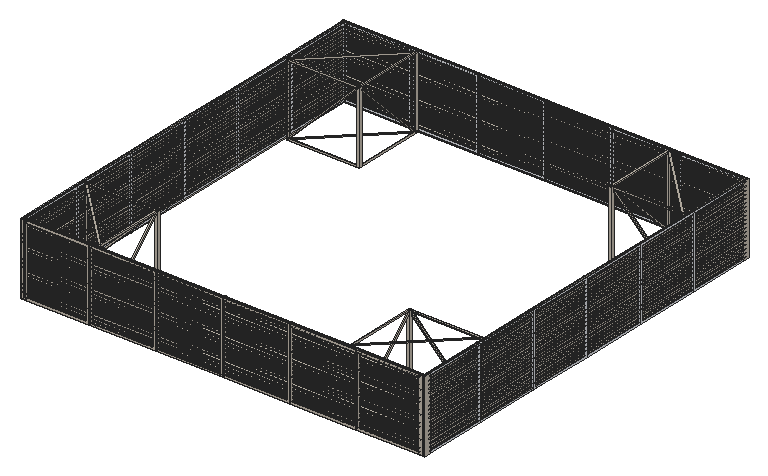
Revit family "Envisor_MechScreen", category Mechanical Equipment, Revit 2020
Family settings
  Round Connector Dimension = Use Diameter
  Classification = None
  Part Type = Normal
  Work Plane-Based = No
  Always vertical = Yes
  Cut with Voids When Loaded = No
  Shared = No
  Room Calculation Point = No
Parameters (values of type "7.2 RIBBED HORIZONTAL PERFORATED")
  URL = "https://cityscapesinc.com/products/envisor"
  Type Comments = "Envisor Screening Systems"
  TopRailViz [instance] = no
  TopFlashingViz [instance] = no
  System_Width = SpacingWidth * Panel_Length  # 22' - 6"
  System_Length = SpacingLength * Panel_Length  # 22' - 6"
  SpacingWidth = 6
  SpacingLength = 6
  SOLID PANEL VIZ = no
  RIBBED VIZ = no
  RIBBED VERT VIZ = no
  Panel_Width = 0' - 2"
  Panel_Length = 3' - 9"
  Panel_Height = 4' - 0"
  Manufacturer = "Envisor"
  MATERIAL = OYSTER Perforated
  LOUVRE VIZ = no
  FRAME WIDTH = 0' - 1 1/4"
  FRAME VIZ = yes
  FRAME MATERIAL = OYSTER
  Description = "Adjustable Rooftop Mechanical Screen"
  Default Elevation = 0' - 0"
  CreatedBy = "https://devinshea.com/"
  CornerFrameSystemDim = 4' - 0"
  CornerFrameViz [instance] = yes
  BottomRailViz [instance] = no
  BATTEN VIZ = no
  ABS_PANEL = no
  7.2 RIBBED VIZ = no
  7.2 CORRUGATED = yes
  7.2 CORR VERT = no
  4.0 CORR VERT = no
  4.0 CORR HORT = no
Reference planes (in)
  plane 1 "Center (Front/Back)": y = 0
  plane 2 "SystemBase": z = 0
  plane 3 "Center (Left/Right)": x = 0
  plane 4 "SystemRight": x = 135
  plane 5 "SystemLeft": x = -135
  plane 6 "systemTop": z = 48
  plane 7 "SystemTop": y = 142
  plane 8 "SystemBottom": y = -141
  plane 9 "RailNorth": y = 135
  plane 10 "RailSouth": y = -135
  plane 11: x = -141
  plane 12: x = 141
  plane 13: y = 85
  plane 14: y = -85
  plane 15: x = -85
  plane 16: x = 85
  plane 17 "TopRail": z = 48
  plane 18: x = -133
  plane 19: x = 133
  plane 20 "FrameTop": y = 133
  plane 21 "FrameBottom": y = -133
  plane 22: y = 72
Forms (in)
  Sweep 1, solid, material "OYSTER" <- "FRAME MATERIAL", visible <- "BottomRailViz"
    path in 3D
      loop
        line (-135, -135, 0) -> (135, -135, 0) -> (135, 135, 0) -> (-135, 135, 0) -> (-135, -135, 0)
    profile "FrameProfile : FrameProfile" origin (-135, 0, 0) x (1, 0, 0) y (0, 0, 1)
      loop
        line (2.53176, -0.50789) -> (2.53176, 1.11711) -> (2.2607, 1.11711) -> (2.22617, 0.98825) -> (2.40675, 1.02009) -> (2.40675, -0.38289) -> (1.80676, -0.38289) -> (1.80676, 1.02009) -> (1.98734, 0.98825) -> (1.95281, 1.11711) -> (1.68176, 1.11711) -> (1.68176, -0.38289) -> (0.43176, -0.38289) -> (0.43176, 1.11711) -> (0.1607, 1.11711) -> (0.12618, 0.98825) -> (0.30676, 1.02009) -> (0.30676, -0.38289) -> (-0.29324, -0.38289) -> (-0.29324, 1.02009) -> (-0.11266, 0.98825) -> (-0.14719, 1.11711) -> (-0.41824, 1.11711) -> (-0.41824, -0.50789) -> (1.7464, -0.50789) -> (1.7464, -1.64289) -> (0.66926, -1.64289) -> (0.66926, -1.76793) -> (2.4664, -1.76793) -> (2.4664, -1.67293) -> (1.8714, -1.67293) -> (1.8714, -0.50789) -> (2.53176, -0.50789)
  Sweep 2, solid, material "OYSTER" <- "FRAME MATERIAL", visible <- "TopRailViz"
    path in 3D
      loop
        line (-135, 135, 48) -> (135, 135, 48) -> (135, -135, 48) -> (-135, -135, 48) -> (-135, 135, 48)
    profile "FrameProfile : FrameProfile" origin (-135, 0, 48) x (-1, 0, 0) y (0, 0, 1)
      loop
        line (-2.5552, 0.75789) -> (-2.5552, -0.86711) -> (-2.28414, -0.86711) -> (-2.24961, -0.73825) -> (-2.43019, -0.77009) -> (-2.43019, 0.63289) -> (-1.83019, 0.63289) -> (-1.83019, -0.77009) -> (-2.01078, -0.73825) -> (-1.97625, -0.86711) -> (-1.70519, -0.86711) -> (-1.70519, 0.63289) -> (-0.45519, 0.63289) -> (-0.45519, -0.86711) -> (-0.18414, -0.86711) -> (-0.14961, -0.73825) -> (-0.33019, -0.77009) -> (-0.33019, 0.63289) -> (0.2698, 0.63289) -> (0.2698, -0.77009) -> (0.08922, -0.73825) -> (0.12375, -0.86711) -> (0.3948, -0.86711) -> (0.3948, 0.75789) -> (-1.76984, 0.75789) -> (-1.76984, 1.89289) -> (-0.69269, 1.89289) -> (-0.69269, 2.01793) -> (-2.48984, 2.01793) -> (-2.48984, 1.92293) -> (-1.89484, 1.92293) -> (-1.89484, 0.75789) -> (-2.5552, 0.75789)
  Sweep 3, solid, material "OYSTER" <- "FRAME MATERIAL", visible <- "TopFlashingViz"
    path in 3D
      loop
        line (-135, 135, 48) -> (135, 135, 48) -> (135, -135, 48) -> (-135, -135, 48) -> (-135, 135, 48)
    profile "TopProfile_3 Step : TopProfile_3 Step" origin (-135, 0, 48) x (-1, 0, 0) y (0, 0, 1)
      loop
        line (-2, 0.09375) -> (-0.25, 0.09375) -> (-0.25, 2.75) -> (1.125, 2.75) -> (1.125, 5.375) -> (2.5625, 5.375) -> (2.5625, 8.0625) -> (2.0625, 8.0625) -> (2.0625, 8.03125) -> (2.53125, 8.03125) -> (2.53125, 5.40625) -> (1.09375, 5.40625) -> (1.09375, 2.78125) -> (-0.28125, 2.78125) -> (-0.28125, 0.125) -> (-2, 0.125) -> (-2, 0.09375)
  Sweep 4, solid, material "OYSTER" <- "FRAME MATERIAL"
    path in 3D
      loop
        line (-135, -135, 0) -> (-135, -135, 48)
    profile "CornerCapProfile : CornerCapProfile" origin (-135, -135, 24) x (-1, 0, 0) y (0, -1, 0)
      loop
        line (1.125, -2.875) -> (1.125, 1.125) -> (-2.875, 1.125) -> (-2.875, 1) -> (1, 1) -> (1, -2.875) -> (1.125, -2.875)
  Sweep 5, solid, material "OYSTER" <- "FRAME MATERIAL"
    path in 3D
      loop
        line (-135, 135, 48) -> (-135, 135, 0)
    profile "CornerCapProfile : CornerCapProfile" origin (-135, 135, 24) x (1, 0, 0) y (0, -1, 0)
      loop
        line (-1.125, 2.875) -> (-1.125, -1.125) -> (2.875, -1.125) -> (2.875, -1) -> (-1, -1) -> (-1, 2.875) -> (-1.125, 2.875)
  Sweep 6, solid, material "OYSTER" <- "FRAME MATERIAL"
    path in 3D
      loop
        line (135, 135, 48) -> (135, 135, 0)
    profile "CornerCapProfile : CornerCapProfile" origin (135, 135, 24) x (1, 0, 0) y (0, -1, 0)
      loop
        line (-2.875, -1.125) -> (1.125, -1.125) -> (1.125, 2.875) -> (1, 2.875) -> (1, -1) -> (-2.875, -1) -> (-2.875, -1.125)
  Sweep 7, solid, material "OYSTER" <- "FRAME MATERIAL"
    path in 3D
      loop
        line (135, -135, 0) -> (135, -135, 48)
    profile "CornerCapProfile : CornerCapProfile" origin (135, -135, 24) x (-1, 0, 0) y (0, -1, 0)
      loop
        line (2.875, 1.125) -> (-1.125, 1.125) -> (-1.125, -2.875) -> (-1, -2.875) -> (-1, 1) -> (2.875, 1) -> (2.875, 1.125)
Lines and regions (in)
  reference lines, style "System"
    curve 1: line (-135, -135, 0) -> (135, -135, 0)
    curve 2: line (135, 135, 0) -> (-135, 135, 0)
    curve 3: line (-135, 135, 0) -> (-135, -135, 0)
    curve 4: line (135, -135, 0) -> (135, 135, 0)
  sketch lines
    curve 5: line (-135, 135, 0) -> (-135, -135, 0)
    curve 6: line (135, 135, 0) -> (-135, 135, 0)
    curve 7: line (135, -135, 0) -> (135, 135, 0)
    curve 8: line (-135, -135, 0) -> (135, -135, 0)
    curve 13: line (-135, -135, 48) -> (-135, 135, 48)
    curve 14: line (-135, 135, 48) -> (135, 135, 48)
    curve 15: line (135, 135, 48) -> (135, -135, 48)
    curve 16: line (135, -135, 48) -> (-135, -135, 48)
    curve 21: line (-135, -135, 48) -> (-135, 135, 48)
    curve 22: line (-135, 135, 48) -> (135, 135, 48)
    curve 23: line (135, 135, 48) -> (135, -135, 48)
    curve 24: line (135, -135, 48) -> (-135, -135, 48)
    curve 27: line (-135, -135, 0) -> (-135, -135, 48)
    curve 30: line (-135, 135, 48) -> (-135, 135, 0)
    curve 31: line (135, 135, 48) -> (135, 135, 0)
    curve 32: line (135, -135, 0) -> (135, -135, 48)
  reference lines, style "SystemFrame"
    curve 9: line (-135, 135, 48) -> (135, 135, 48)
    curve 10: line (135, 135, 48) -> (135, -135, 48)
    curve 11: line (135, -135, 48) -> (-135, -135, 48)
    curve 12: line (-135, -135, 48) -> (-135, 135, 48)
    curve 19: line (135, -135, 48) -> (-135, -135, 48)
  reference lines
    curve 17: line (-135, 135, 48) -> (135, 135, 48)
    curve 18: line (135, 135, 48) -> (135, -135, 48)
    curve 20: line (-135, -135, 48) -> (-135, 135, 48)
    curve 25: line (-135, -135, 0) -> (-135, -135, 48)
    curve 26: line (135, -135, 0) -> (135, -135, 48)
    curve 28: line (135, 135, 48) -> (135, 135, 0)
    curve 29: line (-135, 135, 48) -> (-135, 135, 0)
Text (in)
  text "1. Specify Panel Length\n\tSystem Size Is determined by Panel Sizes.\n2. Specify Panel Height\n\tSystem Height is determined by Panel Sizes.\n3. Specify Corner Brace Diminsion.\n\tDelete formula in Brace family for non-uniform sizes\n4. All Panel Types are adjusted in Visibility Settings.\n\tAll objects besides panels can be turned off.\n5. Adjust Top Profile family and save new to change. " at (-98.75449, 41.77976, 0), in view "Ref. Level"
Dimensions and locks (in)
  "Panel_Height": plane 6 "systemTop" to plane 2 "SystemBase"
  "System_Length": plane 9 "RailNorth" to plane 10 "RailSouth"
  locked: plane 8 "SystemBottom" to plane 10 "RailSouth" at 6
  plane 7 "SystemTop" to plane 9 "RailNorth" = 0' - 7"  (x2)
  locked: plane 4 "SystemRight" to plane 12 at 6
  locked: plane 11 to plane 5 "SystemLeft" at 6
  equal spacing: plane 10 "RailSouth", plane 1 "Center (Front/Back)", plane 9 "RailNorth"  (x2)
  plane 5 "SystemLeft" to plane 3 "Center (Left/Right)" to plane 4 "SystemRight" = 11' - 3", 11' - 3"
  plane 16 to plane 19 = 4' - 0"  (x2)
  "Panel_Width": plane 19 to plane 4 "SystemRight"
  "Panel_Width": plane 10 "RailSouth" to plane 21 "FrameBottom"
  "CornerFrameSystemDim": plane 18 to plane 15
  "CornerFrameSystemDim": plane 16 to plane 19
  "Panel_Width": plane 20 "FrameTop" to plane 9 "RailNorth"
  "CornerFrameSystemDim": plane 20 "FrameTop" to plane 13
  "CornerFrameSystemDim": plane 14 to plane 21 "FrameBottom"
  "Panel_Width": plane 5 "SystemLeft" to plane 18
  plane 8 "SystemBottom" to plane 10 "RailSouth" = 0' - 6"
  plane 4 "SystemRight" to plane 12 = 0' - 6"
  plane 11 to plane 5 "SystemLeft" = 0' - 6"
  plane 5 "SystemLeft" to plane 4 "SystemRight" = 22' - 6"
  "System_Width": plane 5 "SystemLeft" to plane 4 "SystemRight"
  equal spacing: plane 5 "SystemLeft", plane 3 "Center (Left/Right)", plane 4 "SystemRight"
  equal spacing: group 1, group 3, group 4, group 5, group 6, group 2  (x3)
  equal spacing: group 7, group 9, group 10, group 11, group 12, group 8  (x3)
  equal spacing: group 13, group 15, group 16, group 17, group 18, group 14  (x2)
  equal spacing: group 14, group 18, group 17, group 16, group 15, group 13
  equal spacing: group 19, group 21, group 22, group 23, group 24, group 20  (x3)
  aligned and locked: plane 2 "SystemBase" to level
  aligned and locked: plane 10 "RailSouth" to curve 1
  aligned and locked: curve 2 to plane 9 "RailNorth"
  aligned and locked: plane 4 "SystemRight" to curve 2
  aligned and locked: plane 4 "SystemRight" to curve 4
  aligned and locked: nested 1 to plane 16
  aligned and locked: nested 1 to plane 13
  aligned and locked: plane 16 to nested 2
  aligned and locked: nested 2 to plane 14
  aligned and locked: plane 9 "RailNorth" to curve 9
  aligned and locked: curve 10 to plane 4 "SystemRight"
  aligned and locked: curve 11 to plane 10 "RailSouth"
  aligned and locked: plane 17 "TopRail" to plane 6 "systemTop"
  aligned and locked: nested 3 to plane 15
  aligned and locked: plane 13 to nested 3
  aligned and locked: plane 14 to nested 4
  aligned and locked: plane 15 to nested 4
  aligned and locked: plane 5 "SystemLeft" to curve 25
  aligned and locked: plane 17 "TopRail" to curve 25
  aligned and locked: plane 2 "SystemBase" to curve 25
  aligned and locked: plane 4 "SystemRight" to curve 26
  aligned and locked: plane 17 "TopRail" to curve 26
  aligned and locked: plane 2 "SystemBase" to curve 26
  aligned and locked: plane 5 "SystemLeft" to curve 29
  aligned and locked: plane 17 "TopRail" to curve 29
  aligned and locked: plane 2 "SystemBase" to curve 29
  aligned and locked: plane 4 "SystemRight" to curve 28
  aligned and locked: plane 17 "TopRail" to curve 28
  aligned and locked: plane 2 "SystemBase" to curve 28
  aligned and locked: plane 10 "RailSouth" to nested 5
  aligned and locked: plane 5 "SystemLeft" to nested 5
  aligned and locked: plane 4 "SystemRight" to nested 9
  aligned and locked: plane 10 "RailSouth" to nested 9
  aligned and locked: nested 7 to plane 9 "RailNorth"
  aligned and locked: nested 7 to plane 5 "SystemLeft"
  aligned and locked: nested 14 to plane 4 "SystemRight"
  aligned and locked: nested 14 to plane 9 "RailNorth"
  aligned and locked: nested 8 to plane 5 "SystemLeft"
  aligned and locked: plane 9 "RailNorth" to nested 8
  aligned and locked: plane 10 "RailSouth" to nested 19
  aligned and locked: nested 19 to plane 5 "SystemLeft"
  aligned and locked: plane 4 "SystemRight" to nested 6
  aligned and locked: nested 6 to plane 10 "RailSouth"
  aligned and locked: nested 24 to plane 9 "RailNorth"
  aligned and locked: plane 4 "SystemRight" to nested 24
Automatic sketch dimensions
  curve 17 to plane 4 "SystemRight" = 0' - 0"
  curve 17 to plane 5 "SystemLeft" = 0' - 0"
  plane 9 "RailNorth" to curve 17 = 0' - 0"
  plane 10 "RailSouth" to curve 20 = 0' - 0"
  curve 11 to plane 5 "SystemLeft" = 0' - 0"
  curve 1 to plane 5 "SystemLeft" = 0' - 0"
Nested families (in)
  nested 1: "CornerWeldment" at (109, 109, 0) x (0, 1, 0) z (0, 0, 1), visible <- "CornerFrameViz", type "CornerWeldment"
  nested 2: "CornerWeldment" at (109, -109, 0) x (0, -1, 0) z (0, 0, 1), visible <- "CornerFrameViz", type "CornerWeldment"
  nested 3: "CornerWeldment" at (-109, 109, 0) x (-1, 0, 0) z (0, 0, 1), visible <- "CornerFrameViz", type "CornerWeldment"
  nested 4: "CornerWeldment" at (-109, -109, 0) x (0, -1, 0) z (0, 0, 1), visible <- "CornerFrameViz", type "CornerWeldment"
  nested 5: "Panel" at (-112.5, -134.875, 0) x (0, -1, 0) z (0, 0, 1), FRAME MATERIAL <- "FRAME MATERIAL", type "Envisor_MechScreen_Horizontal"
    with FRAME MATERIAL OYSTER
  nested 6: "Panel" at (134.875, -112.5, 0), type "Envisor_MechScreen_Horizontal"
    with FRAME MATERIAL none
  nested 7: "Panel" at (-112.5, 134.875, 0) x (0, 1, 0) z (0, 0, 1), type "Envisor_MechScreen_Horizontal"
    with FRAME MATERIAL none
  nested 8: "Panel" at (-134.875, 112.5, 0) x (-1, 0, 0) z (0, 0, 1), type "Envisor_MechScreen_Horizontal"
    with FRAME MATERIAL none
  nested 9: "Panel" at (112.5, -134.875, 0) x (0, -1, 0) z (0, 0, 1), FRAME MATERIAL <- "FRAME MATERIAL", type "Envisor_MechScreen_Horizontal"
    with FRAME MATERIAL OYSTER
  nested 10: "Panel" at (-67.5, -134.875, 0) x (0, -1, 0) z (0, 0, 1), FRAME MATERIAL <- "FRAME MATERIAL", type "Envisor_MechScreen_Horizontal"
    with FRAME MATERIAL OYSTER
  nested 11: "Panel" at (-22.5, -134.875, 0) x (0, -1, 0) z (0, 0, 1), FRAME MATERIAL <- "FRAME MATERIAL", type "Envisor_MechScreen_Horizontal"
    with FRAME MATERIAL OYSTER
  nested 12: "Panel" at (22.5, -134.875, 0) x (0, -1, 0) z (0, 0, 1), FRAME MATERIAL <- "FRAME MATERIAL", type "Envisor_MechScreen_Horizontal"
    with FRAME MATERIAL OYSTER
  nested 13: "Panel" at (67.5, -134.875, 0) x (0, -1, 0) z (0, 0, 1), FRAME MATERIAL <- "FRAME MATERIAL", type "Envisor_MechScreen_Horizontal"
    with FRAME MATERIAL OYSTER
  nested 14: "Panel" at (112.5, 134.875, 0) x (0, 1, 0) z (0, 0, 1), type "Envisor_MechScreen_Horizontal"
    with FRAME MATERIAL none
  nested 15: "Panel" at (-67.5, 134.875, 0) x (0, 1, 0) z (0, 0, 1), type "Envisor_MechScreen_Horizontal"
    with FRAME MATERIAL none
  nested 16: "Panel" at (-22.5, 134.875, 0) x (0, 1, 0) z (0, 0, 1), type "Envisor_MechScreen_Horizontal"
    with FRAME MATERIAL none
  nested 17: "Panel" at (22.5, 134.875, 0) x (0, 1, 0) z (0, 0, 1), type "Envisor_MechScreen_Horizontal"
    with FRAME MATERIAL none
  nested 18: "Panel" at (67.5, 134.875, 0) x (0, 1, 0) z (0, 0, 1), type "Envisor_MechScreen_Horizontal"
    with FRAME MATERIAL none
  nested 19: "Panel" at (-134.875, -112.5, 0) x (-1, 0, 0) z (0, 0, 1), type "Envisor_MechScreen_Horizontal"
    with FRAME MATERIAL none
  nested 20: "Panel" at (-134.875, 67.5, 0) x (-1, 0, 0) z (0, 0, 1), type "Envisor_MechScreen_Horizontal"
    with FRAME MATERIAL none
  nested 21: "Panel" at (-134.875, 22.5, 0) x (-1, 0, 0) z (0, 0, 1), type "Envisor_MechScreen_Horizontal"
    with FRAME MATERIAL none
  nested 22: "Panel" at (-134.875, -22.5, 0) x (-1, 0, 0) z (0, 0, 1), type "Envisor_MechScreen_Horizontal"
    with FRAME MATERIAL none
  nested 23: "Panel" at (-134.875, -67.5, 0) x (-1, 0, 0) z (0, 0, 1), type "Envisor_MechScreen_Horizontal"
    with FRAME MATERIAL none
  nested 24: "Panel" at (134.875, 112.5, 0), type "Envisor_MechScreen_Horizontal"
    with FRAME MATERIAL none
  nested 25: "Panel" at (134.875, -67.5, 0), type "Envisor_MechScreen_Horizontal"
    with FRAME MATERIAL none
  nested 26: "Panel" at (134.875, -22.5, 0), type "Envisor_MechScreen_Horizontal"
    with FRAME MATERIAL none
  nested 27: "Panel" at (134.875, 22.5, 0), type "Envisor_MechScreen_Horizontal"
    with FRAME MATERIAL none
  nested 28: "Panel" at (134.875, 67.5, 0), type "Envisor_MechScreen_Horizontal"
    with FRAME MATERIAL none
Definition of nested family "CornerWeldment"
  Parameters (values of type "CornerWeldment")
    FrameMetalViz = yes
    Default Elevation = 0' - 0"
    CornerSystemWidth = 4' - 0"
    CornerSystemLength = CornerSystemWidth  # 4' - 0"
    CornerSystemHeight = 4' - 0"
    CornerFrameMaterial = none
  Reference planes (in)
    plane 1 "Center (Front/Back)": y = 0
    plane 2: z = 0
    plane 3 "Center (Left/Right)": x = 0
    plane 4 "Top": y = 24
    plane 5 "Right": x = 24
    plane 6 "Bottom": y = -24
    plane 7 "Left": x = -24
    plane 8 "SystemTop": z = 48
    plane 9 "angle": through (37.39854, 37.39854, 72) normal (0.7071, -0.7071, 0)
  Forms (in)
    Sweep 1, solid, material <- "CornerFrameMaterial", visible <- "FrameMetalViz"
      path in 3D
        loop
          line (-24, -24, 48) -> (-24, -24, 0)
      profile "MetalBraceProfile : MetalBraceProfile" origin (-24, -24, 24) x (-1, 0, 0) y (0, 1, 0)
        loop
          line (-0.5, 0.5) -> (-0.5, -0.5) -> (0.5, -0.5) -> (0.5, 0.5) -> (-0.5, 0.5)
    Sweep 2, solid, material <- "CornerFrameMaterial", visible <- "FrameMetalViz"
      path in 3D
        loop
          line (-24, 24, 48) -> (-24, 24, 0)
      profile "MetalBraceProfile_Main : MetalBraceProfile_Main" origin (-24, 24, 24) x (-1, 0, 0) y (0, 1, 0)
        loop
          line (-1, 1) -> (-1, -1) -> (1, -1) -> (1, 1) -> (-1, 1)
    Sweep 3, solid, material <- "CornerFrameMaterial", visible <- "FrameMetalViz"
      path in 3D
        loop
          line (24, 24, 48) -> (24, 24, 0)
      profile "MetalBraceProfile : MetalBraceProfile" origin (24, 24, 24) x (-1, 0, 0) y (0, 1, 0)
        loop
          line (-0.5, 0.5) -> (-0.5, -0.5) -> (0.5, -0.5) -> (0.5, 0.5) -> (-0.5, 0.5)
    Sweep 4, solid, material <- "CornerFrameMaterial", visible <- "FrameMetalViz"
      path in 3D
        loop
          line (-24, -24, 48) -> (24, 24, 48)
      profile "MetalBraceProfile : MetalBraceProfile" origin (0, 0, 48) x (-0.707107, 0.707107, 0) y (0, 0, 1)
        loop
          line (-0.5, 0.5) -> (-0.5, -0.5) -> (0.5, -0.5) -> (0.5, 0.5) -> (-0.5, 0.5)
    Sweep 5, solid, material <- "CornerFrameMaterial", visible <- "FrameMetalViz"
      path in 3D
        loop
          line (-24, 24, 48) -> (24, 24, 48)
      profile "MetalBraceProfile : MetalBraceProfile" origin (0, 24, 48) x (0, 1, 0) y (0, 0, 1)
        loop
          line (-0.5, 0.5) -> (-0.5, -0.5) -> (0.5, -0.5) -> (0.5, 0.5) -> (-0.5, 0.5)
    Sweep 6, solid, material <- "CornerFrameMaterial", visible <- "FrameMetalViz"
      path in 3D
        loop
          line (-24, 24, 48) -> (-24, -24, 48)
      profile "MetalBraceProfile : MetalBraceProfile" origin (-24, 0, 48) x (1, 0, 0) y (0, 0, 1)
        loop
          line (-0.5, 0.5) -> (-0.5, -0.5) -> (0.5, -0.5) -> (0.5, 0.5) -> (-0.5, 0.5)
    Sweep 7, solid, material <- "CornerFrameMaterial", visible <- "FrameMetalViz"
      path in 3D
        loop
          line (24, 24, 0) -> (-24, 24, 0)
      profile "MetalBraceProfile : MetalBraceProfile" origin (0, 24, 0) x (0, -1, 0) y (0, 0, 1)
        loop
          line (-0.5, 0.5) -> (-0.5, -0.5) -> (0.5, -0.5) -> (0.5, 0.5) -> (-0.5, 0.5)
    Sweep 8, solid, material <- "CornerFrameMaterial", visible <- "FrameMetalViz"
      path in 3D
        loop
          line (-24, 24, 0) -> (-24, -24, 0)
      profile "MetalBraceProfile : MetalBraceProfile" origin (-24, 0, 0) x (1, 0, 0) y (0, 0, 1)
        loop
          line (-0.5, 0.5) -> (-0.5, -0.5) -> (0.5, -0.5) -> (0.5, 0.5) -> (-0.5, 0.5)
    Sweep 9, solid, material <- "CornerFrameMaterial", visible <- "FrameMetalViz"
      path in 3D
        loop
          line (24, 24, 0) -> (-24, -24, 0)
      profile "MetalBraceProfile : MetalBraceProfile" origin (0, 0, 0) x (0.707107, -0.707107, 0) y (0, 0, 1)
        loop
          line (-0.5, 0.5) -> (-0.5, -0.5) -> (0.5, -0.5) -> (0.5, 0.5) -> (-0.5, 0.5)
    Sweep 10, solid, material <- "CornerFrameMaterial", visible <- "FrameMetalViz"
      path in 3D
        loop
          line (-24, 24, 48) -> (24, 24, 0)
      profile "MetalBraceProfile : MetalBraceProfile" origin (0, 24, 24) x (-0.707107, 0, -0.707107) y (0, 1, 0)
        loop
          line (-0.5, 0.5) -> (-0.5, -0.5) -> (0.5, -0.5) -> (0.5, 0.5) -> (-0.5, 0.5)
    Sweep 11, solid, material <- "CornerFrameMaterial", visible <- "FrameMetalViz"
      path in 3D
        loop
          line (-24, 24, 48) -> (-24, -24, 0)
      profile "MetalBraceProfile : MetalBraceProfile" origin (-24, 0, 24) x (0, 0.707107, -0.707107) y (1, 0, 0)
        loop
          line (-0.5, 0.5) -> (-0.5, -0.5) -> (0.5, -0.5) -> (0.5, 0.5) -> (-0.5, 0.5)
  Lines and regions (in)
    reference lines
      curve 1: line (-24, 24, 48) -> (-24, 24, 0)
      curve 2: line (24, 24, 48) -> (24, 24, 0)
      curve 3: line (24, -24, 48) -> (24, -24, 0)
      curve 4: line (-24, -24, 48) -> (-24, -24, 0)
      curve 8: line (-24, -24, 48) -> (24, 24, 48)
      curve 10: line (-24, 24, 48) -> (24, 24, 48)
      curve 12: line (-24, 24, 48) -> (-24, -24, 48)
      curve 14: line (24, 24, 0) -> (-24, 24, 0)
      curve 15: line (-24, 24, 0) -> (-24, -24, 0)
      curve 16: line (-24, -24, 0) -> (24, -24, 0)
      curve 17: line (24, 24, 0) -> (-24, -24, 0)
      curve 21: line (-24, 24, 48) -> (24, 24, 0)
      curve 22: line (-24, 24, 48) -> (-24, -24, 0)
    sketch lines
      curve 5: line (-24, -24, 48) -> (-24, -24, 0)
      curve 6: line (-24, 24, 48) -> (-24, 24, 0)
      curve 7: line (24, 24, 48) -> (24, 24, 0)
      curve 9: line (-24, -24, 48) -> (24, 24, 48)
      curve 11: line (-24, 24, 48) -> (24, 24, 48)
      curve 13: line (-24, 24, 48) -> (-24, -24, 48)
      curve 18: line (24, 24, 0) -> (-24, 24, 0)
      curve 19: line (-24, 24, 0) -> (-24, -24, 0)
      curve 20: line (24, 24, 0) -> (-24, -24, 0)
      curve 23: line (-24, 24, 48) -> (24, 24, 0)
      curve 24: line (-24, 24, 48) -> (-24, -24, 0)
  Dimensions and locks (in)
    equal spacing: plane 7 "Left", plane 3 "Center (Left/Right)", plane 5 "Right"
    equal spacing: plane 4 "Top", plane 1 "Center (Front/Back)", plane 6 "Bottom"
    "CornerSystemWidth": plane 7 "Left" to plane 5 "Right"
    "CornerSystemLength": plane 4 "Top" to plane 6 "Bottom"
    "CornerSystemHeight": plane 8 "SystemTop" to plane 2
    aligned and locked: plane 2 to level
    aligned and locked: curve 1 to plane 7 "Left"
    aligned and locked: plane 8 "SystemTop" to curve 1
    aligned and locked: plane 2 to curve 1
    aligned and locked: curve 2 to plane 5 "Right"
    aligned and locked: plane 8 "SystemTop" to curve 2
    aligned and locked: plane 2 to curve 2
    aligned and locked: plane 5 "Right" to curve 3  (x2)
    aligned and locked: plane 2 to curve 3
    aligned and locked: plane 8 "SystemTop" to curve 3
    aligned and locked: plane 7 "Left" to curve 4  (x2)
    aligned and locked: plane 8 "SystemTop" to curve 4
    aligned and locked: plane 2 to curve 4
    aligned and locked: plane 6 "Bottom" to curve 4
    aligned and locked: plane 4 "Top" to curve 2
    aligned and locked: plane 5 "Right" to curve 2
    aligned and locked: plane 4 "Top" to curve 8
    aligned and locked: plane 5 "Right" to curve 8
    aligned and locked: plane 6 "Bottom" to curve 8
    aligned and locked: curve 10 to plane 4 "Top"
    aligned and locked: curve 12 to plane 7 "Left"
    aligned and locked: curve 16 to plane 6 "Bottom"
    aligned and locked: curve 15 to plane 7 "Left"
    aligned and locked: plane 7 "Left" to curve 1
    aligned and locked: plane 4 "Top" to curve 1
    aligned and locked: plane 6 "Bottom" to curve 3
    aligned and locked: plane 4 "Top" to curve 17
    aligned and locked: plane 5 "Right" to curve 17
    aligned and locked: plane 7 "Left" to curve 17
    aligned and locked: plane 4 "Top" to curve 10
    aligned and locked: plane 8 "SystemTop" to curve 10
    aligned and locked: plane 6 "Bottom" to curve 16
    aligned and locked: plane 2 to curve 16
    aligned and locked: plane 9 "angle" to curve 8
  Automatic sketch dimensions
    curve 16 to plane 5 "Right" = 0' - 0"
    curve 22 to level = 0' - 0"
    curve 22 to plane 6 "Bottom" = 0' - 0"
    curve 22 to plane 4 "Top" = 0' - 0"
    curve 22 to plane 8 "SystemTop" = 0' - 0"
Definition of nested family "Panel"
  Parameters (values of type "Envisor_MechScreen_Panel")
    SOLID PANEL VIZ = no
    SOLID PANEL DEPTH = 0' - 1"
    RIBBED VIZ = no
    RIBBED VERTICAL SPACING = rounddown(Panel_Length / 0' 2")  # 22
    RIBBED VERT VIZ = no
    Panel_Width = 0' - 2"
    Panel_Length = 3' - 9"
    Panel_Height = 4' - 0"
    PanelTrimDepth = 0' - 1"
    MATERIAL = none
    LOUVRE VIZ = no
    LOUVER SPACING = rounddown(Panel_Height / 0' 0 3/4")  # 64
    FRAME VIZ = yes
    FRAME WIDTH = 0' - 1 1/4"
    FRAME MATERIAL [instance] = none
    FRAME DEPTH = 0' - 1 1/4"
    Default Elevation = 0' - 0"
    BATTEN VIZ = no
    BATTEN SPACING = roundup(Panel_Length / 0' 8")  # 6
    ABS_PANEL = no
    7.2 RIBBED VIZ = no
    7.2 CORRUGATED = yes
    7.2 CORR VERT SPACING = rounddown(Panel_Length / 0' 4")  # 11
    7.2 CORR VERT = no
    7.2 COR SPACING = rounddown(Panel_Height / 0' 2 1/2")  # 19
    4.0 CORR VERT SPACING = rounddown(Panel_Length / 0' 1 1/2")  # 30
    4.0 CORR VERT = no
    4.0 CORR HORT = no
    4.0 COR SPACING = rounddown(Panel_Height / 0' 2 1/4")  # 21
  Reference planes (in)
    plane 1 "Center (Front/Back)": y = 0
    plane 2: z = 0
    plane 3 "Center (Left/Right)": x = 0
    plane 4 "FrameLeft": y = 22.5
    plane 5 "FrameRight": y = -22.5
    plane 6 "top": z = 48
    plane 7 "FrameLeftFace": y = 21.25
    plane 8 "FrameRightFace": y = -21.25
    plane 9 "framebottom": z = 46.75
    plane 10: z = 1.25
    plane 11: z = 34.5
    plane 12: x = 0.125
    plane 13: x = -0.125
    plane 14: x = 1.25
    plane 15: x = 1
  Forms (in)
    Extrusion 1, solid, material <- "MATERIAL"
      sketch origin (0.03125, 0, 0.00188) x (1, 0, 0) y (0, 0, 1)
        loop
          line (0.09375, 48.5) -> (-0.15625, 48.5) -> (-0.15625, 47.99812) -> (0.09375, 47.99812) -> (0.09375, 48.5)
      from -22.5 to 22.5
    Extrusion 2, solid, material <- "MATERIAL"
      sketch origin (0.03125, 0, -48.5) x (1, 0, 0) y (0, 0, 1)
        loop
          line (0.09375, 48.5) -> (-0.15625, 48.5) -> (-0.15625, 47.99812) -> (0.09375, 47.99812) -> (0.09375, 48.5)
      from -22.5 to 22.5
    Extrusion 3, solid, material <- "MATERIAL", visible <- "ABS_PANEL"
      sketch origin (0, 0, 0) x (0, 1, 0) y (0, 0, 1)
        loop
          line (22.5, 0) -> (22.5, 48) -> (-22.5, 48) -> (-22.5, 0) -> (22.5, 0)
      from -0.125 to 0.125
    Extrusion 4, solid, material <- "FRAME MATERIAL", visible <- "FRAME VIZ"
      sketch origin (0, 0, 0) x (0, 1, 0) y (0, 0, 1)
        loop
          line (22.5, 0) -> (22.5, 48) -> (-22.5, 48) -> (-22.5, 0) -> (22.5, 0)
        loop
          line (21.25, 46.75) -> (-21.25, 46.75) -> (-21.25, 1.25) -> (21.25, 1.25) -> (21.25, 46.75)
      from 0 to 1.25
    Extrusion 5, solid, material <- "MATERIAL", visible <- "SOLID PANEL VIZ"
      sketch origin (0, 0, 0) x (0, 1, 0) y (0, 0, 1)
        loop
          line (22.5, 48) -> (-22.5, 48) -> (-22.5, 0) -> (22.5, 0) -> (22.5, 48)
      from 0 to 1
  Text (in)
    text "EXTERIOR" at (58.92048, 7.19966, 0), in view "Ref. Level"
  Dimensions and locks (in)
    "Panel_Length": plane 4 "FrameLeft" to plane 5 "FrameRight"
    equal spacing: plane 4 "FrameLeft", plane 1 "Center (Front/Back)", plane 5 "FrameRight"
    "FRAME WIDTH": plane 6 "top" to plane 9 "framebottom"
    "FRAME WIDTH": plane 4 "FrameLeft" to plane 7 "FrameLeftFace"
    "FRAME WIDTH": plane 8 "FrameRightFace" to plane 5 "FrameRight"
    "FRAME WIDTH": plane 10 to plane 2
    Extrusion 1 sketch curve to Extrusion 1 sketch curve = 0' - 0 1/4"  (x2)
    Extrusion 2 sketch curve to Extrusion 2 sketch curve = 0' - 0 1/4"  (x2)
    plane 9 "framebottom" to plane 10 = 3' - 9 1/2"
    plane 8 "FrameRightFace" to plane 7 "FrameLeftFace" = 3' - 6 1/2"
    plane 4 "FrameLeft" to plane 5 "FrameRight" = 3' - 9"
    equal spacing: group 1, group 3, group 4, group 5, group 6, group 7, group 8, group 9, group 10, group 11, group 12, group 13, group 14, group 15, group 16, group 107, group 108, group 109, group 2  (x3)
    equal spacing: group 17, group 19, group 20, group 21, group 22, group 23, group 24, group 25, group 26, group 27, group 28, group 29, group 30, group 31, group 32, group 33, group 110, group 111, group 112, group 113, group 18  (x3)
    equal spacing: group 34, group 36, group 37, group 38, group 39, group 40, group 41, group 42, group 43, group 44, group 45, group 46, group 47, group 48, group 49, group 50, group 51, group 52, group 53, group 54, group 55, group 56, group 57, group 58, group 59, group 60, group 61, group 62, group 63, group 64, group 65, group 66, group 67, group 68, group 69, group 70, group 71, group 72, group 73, group 74, group 75, group 76, group 77, group 78, group 79, group 80, group 81, group 82, group 83, group 84, group 85, group 86, group 114, group 115, group 116, group 117, group 118, group 119, group 120, group 121, group 122, group 123, group 124, group 35  (x3)
    equal spacing: group 87, group 89, group 90, group 91, group 92, group 93, group 94, group 95, group 96, group 88  (x3)
    equal spacing: group 97, group 99, group 100, group 101, group 102, group 103, group 104, group 105, group 106, group 98  (x3)
    "FRAME DEPTH": plane 14 to plane 3 "Center (Left/Right)"
    equal spacing: plane 12, plane 3 "Center (Left/Right)", plane 13
    "Panel_Height": plane 6 "top" to plane 2
    equal spacing: group 125, group 127, group 128, group 129, group 130, group 131, group 132, group 133, group 134, group 135, group 136, group 137, group 138, group 139, group 140, group 141, group 142, group 143, group 144, group 145, group 146, group 126  (x3)
    equal spacing: group 147, group 149, group 150, group 151, group 152, group 148  (x3)
    equal spacing: group 153, group 155, group 156, group 157, group 158, group 159, group 160, group 161, group 162, group 163, group 154  (x3)
    equal spacing: group 164, group 166, group 167, group 168, group 169, group 170, group 171, group 172, group 173, group 174, group 175, group 176, group 177, group 178, group 179, group 180, group 181, group 182, group 183, group 184, group 185, group 186, group 187, group 188, group 189, group 190, group 191, group 192, group 193, group 165  (x3)
    "SOLID PANEL DEPTH": plane 15 to plane 3 "Center (Left/Right)"
    aligned and locked: plane 2 to level
    aligned and locked: Extrusion 1 to plane 6 "top"
    aligned and locked: plane 2 to Extrusion 2  (x2)
    aligned and locked: plane 4 "FrameLeft" to Extrusion 4 sketch curve
    aligned and locked: plane 6 "top" to Extrusion 4 sketch curve
    aligned and locked: plane 5 "FrameRight" to Extrusion 4 sketch curve
    aligned and locked: plane 2 to Extrusion 4 sketch curve
    aligned and locked: plane 7 "FrameLeftFace" to Extrusion 4 sketch curve
    aligned and locked: plane 9 "framebottom" to Extrusion 4 sketch curve
    aligned and locked: plane 8 "FrameRightFace" to Extrusion 4 sketch curve
    aligned and locked: plane 10 to Extrusion 4 sketch curve
    aligned and locked: plane 12 to Extrusion 3
    aligned and locked: Extrusion 3 to Extrusion 1
    aligned and locked: Extrusion 1 to Extrusion 3
    aligned and locked: Extrusion 2 to Extrusion 3
    aligned and locked: Extrusion 3 to Extrusion 2
    aligned and locked: plane 6 "top" to Extrusion 3
    aligned and locked: Extrusion 3 to plane 2
    aligned and locked: plane 4 "FrameLeft" to Extrusion 3
    aligned and locked: Extrusion 3 to plane 5 "FrameRight"
    aligned and locked: nested 1 to plane 12
    aligned and locked: plane 4 "FrameLeft" to Extrusion 1
    aligned and locked: Extrusion 1 to plane 5 "FrameRight"
    aligned and locked: Extrusion 2 to plane 5 "FrameRight"
    aligned and locked: plane 4 "FrameLeft" to Extrusion 2
    aligned and locked: plane 4 "FrameLeft" to nested 1
    aligned and locked: plane 5 "FrameRight" to nested 1
    aligned and locked: nested 1 to plane 2
    aligned and locked: plane 6 "top" to nested 4
    aligned and locked: nested 4 to plane 12
    aligned and locked: nested 19 to plane 10
    aligned and locked: nested 19 to plane 12
    aligned and locked: plane 9 "framebottom" to nested 20
    aligned and locked: nested 20 to plane 12
    aligned and locked: plane 4 "FrameLeft" to nested 20
    aligned and locked: plane 4 "FrameLeft" to nested 19  (x2)
    aligned and locked: nested 20 to plane 5 "FrameRight"
    aligned and locked: nested 19 to plane 5 "FrameRight"
    aligned and locked: nested 36 to plane 2
    aligned and locked: nested 36 to plane 12
    aligned and locked: plane 4 "FrameLeft" to nested 36
    aligned and locked: nested 36 to plane 5 "FrameRight"
    aligned and locked: plane 6 "top" to nested 37
    aligned and locked: nested 37 to plane 5 "FrameRight"
    aligned and locked: plane 4 "FrameLeft" to nested 37
    aligned and locked: plane 4 "FrameLeft" to nested 3
    aligned and locked: nested 3 to plane 5 "FrameRight"
    aligned and locked: nested 3 to plane 12
    aligned and locked: nested 3 to plane 2
    aligned and locked: plane 6 "top" to nested 89
    aligned and locked: nested 89 to plane 12
    aligned and locked: plane 4 "FrameLeft" to nested 89
    aligned and locked: plane 5 "FrameRight" to nested 89
    aligned and locked: nested 2 to plane 10
    aligned and locked: nested 2 to plane 12
    aligned and locked: plane 5 "FrameRight" to nested 2
    aligned and locked: plane 4 "FrameLeft" to nested 2
    aligned and locked: plane 9 "framebottom" to nested 98
    aligned and locked: nested 98 to plane 12
    aligned and locked: nested 98 to plane 5 "FrameRight"
    aligned and locked: plane 4 "FrameLeft" to nested 98  (x2)
    aligned and locked: plane 14 to Extrusion 4
    aligned and locked: plane 5 "FrameRight" to nested 98
    aligned and locked: plane 5 "FrameRight" to nested 19
    aligned and locked: nested 125 to plane 12
    aligned and locked: plane 5 "FrameRight" to nested 125
    aligned and locked: nested 126 to plane 4 "FrameLeft"
    aligned and locked: nested 126 to plane 12
    aligned and locked: nested 125 to plane 5 "FrameRight"
    aligned and locked: plane 4 "FrameLeft" to nested 126
    aligned and locked: plane 6 "top" to nested 126
    aligned and locked: plane 6 "top" to nested 125
    aligned and locked: plane 5 "FrameRight" to nested 147
    aligned and locked: nested 147 to plane 12
    aligned and locked: nested 148 to plane 4 "FrameLeft"
    aligned and locked: nested 148 to plane 12
    aligned and locked: plane 6 "top" to nested 147
    aligned and locked: plane 6 "top" to nested 148
    aligned and locked: plane 4 "FrameLeft" to nested 148
    aligned and locked: nested 147 to plane 5 "FrameRight"
    aligned and locked: plane 8 "FrameRightFace" to nested 153  (x2)
    aligned and locked: nested 153 to plane 12
    aligned and locked: nested 154 to plane 7 "FrameLeftFace"  (x2)
    aligned and locked: nested 154 to plane 12
    aligned and locked: plane 6 "top" to nested 154
    aligned and locked: plane 6 "top" to nested 153
    aligned and locked: nested 164 to plane 5 "FrameRight"  (x2)
    aligned and locked: nested 164 to plane 12
    aligned and locked: plane 4 "FrameLeft" to nested 165
    aligned and locked: nested 165 to plane 12
    aligned and locked: plane 6 "top" to nested 164
    aligned and locked: plane 6 "top" to nested 193
    aligned and locked: plane 6 "top" to Extrusion 5 sketch curve
    aligned and locked: plane 4 "FrameLeft" to Extrusion 5 sketch curve
    aligned and locked: Extrusion 5 sketch curve to plane 2
    aligned and locked: Extrusion 5 sketch curve to plane 5 "FrameRight"
    aligned and locked: Extrusion 4 to plane 3 "Center (Left/Right)"
    aligned and locked: Extrusion 5 to plane 3 "Center (Left/Right)"
    aligned and locked: plane 15 to Extrusion 5
  Automatic sketch dimensions
    Extrusion 1 sketch curve to plane 6 "top" = 0' - 0"
    Extrusion 1 sketch curve to plane 3 "Center (Left/Right)" = 0' - 0 1/8"
    Extrusion 1 sketch curve to Extrusion 1 sketch curve = 0' - 0.50188"
    Extrusion 2 sketch curve to level = 0' - 0"
    Extrusion 2 sketch curve to plane 3 "Center (Left/Right)" = 0' - 0 1/8"
    Extrusion 2 sketch curve to Extrusion 2 sketch curve = 0' - 0.50188"
    plane 5 "FrameRight" to Extrusion 3 sketch curve = 0' - 0"
    Extrusion 3 sketch curve to plane 7 "FrameLeftFace" = 0' - 1 1/4"
    Extrusion 3 sketch curve to plane 6 "top" = 0' - 0"
    level to Extrusion 3 sketch curve = 0' - 0"
  Nested families (in)
    nested 1: "COR HORIZONTAL" at (0.625, 0, 0) x (-1, 0, 0) z (0, 0, 1), Profile_Height <- "Panel_Length", visible <- "7.2 CORRUGATED", type "COR HORIZONTAL"
      with Profile_Height 3' - 9"
    nested 2: "7.2 RIBBED_HORT" at (0.625, 0, 1.25) x (-1, 0, 0) z (0, 0, 1), Profile_Height <- "Panel_Length", visible <- "7.2 RIBBED VIZ", type "7.2 RIBBED_HORT"
      with Profile_RibWidth 0' - 1 1/2", Profile_Height 3' - 9", GAUGE 0' - 0 1/32"
    nested 3: "RIB HORIZONTAL ABS" at (0.625, 0, 0) x (-1, 0, 0) z (0, 0, 1), visible <- "RIBBED VIZ", Profile_Height <- "Panel_Length", type "RIB HORIZONTAL ABS"
      with Profile_RibWidth 0' - 1 1/2", Profile_Height 3' - 9", GAUGE 0' - 0 1/32"
    nested 4: "COR HORIZONTAL" at (0.625, 0, 45.24629) x (-1, 0, 0) z (0, 0, 1), Profile_Height <- "Panel_Length", visible <- "7.2 CORRUGATED", type "COR HORIZONTAL"
      with Profile_Height 3' - 9"
    nested 5: "COR HORIZONTAL" at (0.625, 0, 2.51368) x (-1, 0, 0) z (0, 0, 1), Profile_Height <- "Panel_Length", visible <- "7.2 CORRUGATED", type "COR HORIZONTAL"
      with Profile_Height 3' - 9"
    nested 6: "COR HORIZONTAL" at (0.625, 0, 5.02737) x (-1, 0, 0) z (0, 0, 1), Profile_Height <- "Panel_Length", visible <- "7.2 CORRUGATED", type "COR HORIZONTAL"
      with Profile_Height 3' - 9"
    nested 7: "COR HORIZONTAL" at (0.625, 0, 7.54105) x (-1, 0, 0) z (0, 0, 1), Profile_Height <- "Panel_Length", visible <- "7.2 CORRUGATED", type "COR HORIZONTAL"
      with Profile_Height 3' - 9"
    nested 8: "COR HORIZONTAL" at (0.625, 0, 10.05473) x (-1, 0, 0) z (0, 0, 1), Profile_Height <- "Panel_Length", visible <- "7.2 CORRUGATED", type "COR HORIZONTAL"
      with Profile_Height 3' - 9"
    nested 9: "COR HORIZONTAL" at (0.625, 0, 12.56841) x (-1, 0, 0) z (0, 0, 1), Profile_Height <- "Panel_Length", visible <- "7.2 CORRUGATED", type "COR HORIZONTAL"
      with Profile_Height 3' - 9"
    nested 10: "COR HORIZONTAL" at (0.625, 0, 15.0821) x (-1, 0, 0) z (0, 0, 1), Profile_Height <- "Panel_Length", visible <- "7.2 CORRUGATED", type "COR HORIZONTAL"
      with Profile_Height 3' - 9"
    nested 11: "COR HORIZONTAL" at (0.625, 0, 17.59578) x (-1, 0, 0) z (0, 0, 1), Profile_Height <- "Panel_Length", visible <- "7.2 CORRUGATED", type "COR HORIZONTAL"
      with Profile_Height 3' - 9"
    nested 12: "COR HORIZONTAL" at (0.625, 0, 20.10946) x (-1, 0, 0) z (0, 0, 1), Profile_Height <- "Panel_Length", visible <- "7.2 CORRUGATED", type "COR HORIZONTAL"
      with Profile_Height 3' - 9"
    nested 13: "COR HORIZONTAL" at (0.625, 0, 22.62314) x (-1, 0, 0) z (0, 0, 1), Profile_Height <- "Panel_Length", visible <- "7.2 CORRUGATED", type "COR HORIZONTAL"
      with Profile_Height 3' - 9"
    nested 14: "COR HORIZONTAL" at (0.625, 0, 25.13683) x (-1, 0, 0) z (0, 0, 1), Profile_Height <- "Panel_Length", visible <- "7.2 CORRUGATED", type "COR HORIZONTAL"
      with Profile_Height 3' - 9"
    nested 15: "COR HORIZONTAL" at (0.625, 0, 27.65051) x (-1, 0, 0) z (0, 0, 1), Profile_Height <- "Panel_Length", visible <- "7.2 CORRUGATED", type "COR HORIZONTAL"
      with Profile_Height 3' - 9"
    nested 16: "COR HORIZONTAL" at (0.625, 0, 30.16419) x (-1, 0, 0) z (0, 0, 1), Profile_Height <- "Panel_Length", visible <- "7.2 CORRUGATED", type "COR HORIZONTAL"
      with Profile_Height 3' - 9"
    nested 17: "COR HORIZONTAL" at (0.625, 0, 32.67788) x (-1, 0, 0) z (0, 0, 1), Profile_Height <- "Panel_Length", visible <- "7.2 CORRUGATED", type "COR HORIZONTAL"
      with Profile_Height 3' - 9"
    nested 18: "COR HORIZONTAL" at (0.625, 0, 35.19156) x (-1, 0, 0) z (0, 0, 1), Profile_Height <- "Panel_Length", visible <- "7.2 CORRUGATED", type "COR HORIZONTAL"
      with Profile_Height 3' - 9"
    nested 19: "4.0 CORRUGATED" at (0.625, 0, 1.25) x (-1, 0, 0) z (0, 0, 1), visible <- "4.0 CORR HORT", Profile_Height <- "Panel_Length", type "4.0 CORRUGATED"
      with Profile_Height 3' - 9", GAUGE 0' - 0 1/32"
    nested 20: "4.0 CORRUGATED" at (0.625, 0, 43.75) x (-1, 0, 0) z (0, 0, 1), visible <- "4.0 CORR HORT", Profile_Height <- "Panel_Length", type "4.0 CORRUGATED"
      with Profile_Height 3' - 9", GAUGE 0' - 0 1/32"
    nested 21: "4.0 CORRUGATED" at (0.625, 0, 3.375) x (-1, 0, 0) z (0, 0, 1), visible <- "4.0 CORR HORT", Profile_Height <- "Panel_Length", type "4.0 CORRUGATED"
      with Profile_Height 3' - 9", GAUGE 0' - 0 1/32"
    nested 22: "4.0 CORRUGATED" at (0.625, 0, 5.5) x (-1, 0, 0) z (0, 0, 1), visible <- "4.0 CORR HORT", Profile_Height <- "Panel_Length", type "4.0 CORRUGATED"
      with Profile_Height 3' - 9", GAUGE 0' - 0 1/32"
    nested 23: "4.0 CORRUGATED" at (0.625, 0, 7.625) x (-1, 0, 0) z (0, 0, 1), visible <- "4.0 CORR HORT", Profile_Height <- "Panel_Length", type "4.0 CORRUGATED"
      with Profile_Height 3' - 9", GAUGE 0' - 0 1/32"
    nested 24: "4.0 CORRUGATED" at (0.625, 0, 9.75) x (-1, 0, 0) z (0, 0, 1), visible <- "4.0 CORR HORT", Profile_Height <- "Panel_Length", type "4.0 CORRUGATED"
      with Profile_Height 3' - 9", GAUGE 0' - 0 1/32"
    nested 25: "4.0 CORRUGATED" at (0.625, 0, 11.875) x (-1, 0, 0) z (0, 0, 1), visible <- "4.0 CORR HORT", Profile_Height <- "Panel_Length", type "4.0 CORRUGATED"
      with Profile_Height 3' - 9", GAUGE 0' - 0 1/32"
    nested 26: "4.0 CORRUGATED" at (0.625, 0, 14) x (-1, 0, 0) z (0, 0, 1), visible <- "4.0 CORR HORT", Profile_Height <- "Panel_Length", type "4.0 CORRUGATED"
      with Profile_Height 3' - 9", GAUGE 0' - 0 1/32"
    nested 27: "4.0 CORRUGATED" at (0.625, 0, 16.125) x (-1, 0, 0) z (0, 0, 1), visible <- "4.0 CORR HORT", Profile_Height <- "Panel_Length", type "4.0 CORRUGATED"
      with Profile_Height 3' - 9", GAUGE 0' - 0 1/32"
    nested 28: "4.0 CORRUGATED" at (0.625, 0, 18.25) x (-1, 0, 0) z (0, 0, 1), visible <- "4.0 CORR HORT", Profile_Height <- "Panel_Length", type "4.0 CORRUGATED"
      with Profile_Height 3' - 9", GAUGE 0' - 0 1/32"
    nested 29: "4.0 CORRUGATED" at (0.625, 0, 20.375) x (-1, 0, 0) z (0, 0, 1), visible <- "4.0 CORR HORT", Profile_Height <- "Panel_Length", type "4.0 CORRUGATED"
      with Profile_Height 3' - 9", GAUGE 0' - 0 1/32"
    nested 30: "4.0 CORRUGATED" at (0.625, 0, 22.5) x (-1, 0, 0) z (0, 0, 1), visible <- "4.0 CORR HORT", Profile_Height <- "Panel_Length", type "4.0 CORRUGATED"
      with Profile_Height 3' - 9", GAUGE 0' - 0 1/32"
    nested 31: "4.0 CORRUGATED" at (0.625, 0, 24.625) x (-1, 0, 0) z (0, 0, 1), visible <- "4.0 CORR HORT", Profile_Height <- "Panel_Length", type "4.0 CORRUGATED"
      with Profile_Height 3' - 9", GAUGE 0' - 0 1/32"
    nested 32: "4.0 CORRUGATED" at (0.625, 0, 26.75) x (-1, 0, 0) z (0, 0, 1), visible <- "4.0 CORR HORT", Profile_Height <- "Panel_Length", type "4.0 CORRUGATED"
      with Profile_Height 3' - 9", GAUGE 0' - 0 1/32"
    nested 33: "4.0 CORRUGATED" at (0.625, 0, 28.875) x (-1, 0, 0) z (0, 0, 1), visible <- "4.0 CORR HORT", Profile_Height <- "Panel_Length", type "4.0 CORRUGATED"
      with Profile_Height 3' - 9", GAUGE 0' - 0 1/32"
    nested 34: "4.0 CORRUGATED" at (0.625, 0, 31) x (-1, 0, 0) z (0, 0, 1), visible <- "4.0 CORR HORT", Profile_Height <- "Panel_Length", type "4.0 CORRUGATED"
      with Profile_Height 3' - 9", GAUGE 0' - 0 1/32"
    nested 35: "4.0 CORRUGATED" at (0.625, 0, 33.125) x (-1, 0, 0) z (0, 0, 1), visible <- "4.0 CORR HORT", Profile_Height <- "Panel_Length", type "4.0 CORRUGATED"
      with Profile_Height 3' - 9", GAUGE 0' - 0 1/32"
    nested 36: "LOUVER HORIZONTAL" at (0.625, 0, 0) x (-1, 0, 0) z (0, 0, 1), Profile_Height <- "Panel_Length", visible <- "LOUVRE VIZ", type "LOUVER HORIZONTAL"
      with Profile_RibWidth 0' - 0 1/4", Profile_Height 3' - 9", GAUGE 0' - 0 1/32"
    nested 37: "LOUVER HORIZONTAL" at (0.625, 0, 47.25) x (-1, 0, 0) z (0, 0, 1), Profile_Height <- "Panel_Length", visible <- "LOUVRE VIZ", type "LOUVER HORIZONTAL"
      with Profile_RibWidth 0' - 0 1/4", Profile_Height 3' - 9", GAUGE 0' - 0 1/32"
    nested 38: "LOUVER HORIZONTAL" at (0.625, 0, 0.75) x (-1, 0, 0) z (0, 0, 1), Profile_Height <- "Panel_Length", visible <- "LOUVRE VIZ", type "LOUVER HORIZONTAL"
      with Profile_RibWidth 0' - 0 1/4", Profile_Height 3' - 9", GAUGE 0' - 0 1/32"
    nested 39: "LOUVER HORIZONTAL" at (0.625, 0, 1.5) x (-1, 0, 0) z (0, 0, 1), Profile_Height <- "Panel_Length", visible <- "LOUVRE VIZ", type "LOUVER HORIZONTAL"
      with Profile_RibWidth 0' - 0 1/4", Profile_Height 3' - 9", GAUGE 0' - 0 1/32"
    nested 40: "LOUVER HORIZONTAL" at (0.625, 0, 2.25) x (-1, 0, 0) z (0, 0, 1), Profile_Height <- "Panel_Length", visible <- "LOUVRE VIZ", type "LOUVER HORIZONTAL"
      with Profile_RibWidth 0' - 0 1/4", Profile_Height 3' - 9", GAUGE 0' - 0 1/32"
    nested 41: "LOUVER HORIZONTAL" at (0.625, 0, 3) x (-1, 0, 0) z (0, 0, 1), Profile_Height <- "Panel_Length", visible <- "LOUVRE VIZ", type "LOUVER HORIZONTAL"
      with Profile_RibWidth 0' - 0 1/4", Profile_Height 3' - 9", GAUGE 0' - 0 1/32"
    nested 42: "LOUVER HORIZONTAL" at (0.625, 0, 3.75) x (-1, 0, 0) z (0, 0, 1), Profile_Height <- "Panel_Length", visible <- "LOUVRE VIZ", type "LOUVER HORIZONTAL"
      with Profile_RibWidth 0' - 0 1/4", Profile_Height 3' - 9", GAUGE 0' - 0 1/32"
    nested 43: "LOUVER HORIZONTAL" at (0.625, 0, 4.5) x (-1, 0, 0) z (0, 0, 1), Profile_Height <- "Panel_Length", visible <- "LOUVRE VIZ", type "LOUVER HORIZONTAL"
      with Profile_RibWidth 0' - 0 1/4", Profile_Height 3' - 9", GAUGE 0' - 0 1/32"
    nested 44: "LOUVER HORIZONTAL" at (0.625, 0, 5.25) x (-1, 0, 0) z (0, 0, 1), Profile_Height <- "Panel_Length", visible <- "LOUVRE VIZ", type "LOUVER HORIZONTAL"
      with Profile_RibWidth 0' - 0 1/4", Profile_Height 3' - 9", GAUGE 0' - 0 1/32"
    nested 45: "LOUVER HORIZONTAL" at (0.625, 0, 6) x (-1, 0, 0) z (0, 0, 1), Profile_Height <- "Panel_Length", visible <- "LOUVRE VIZ", type "LOUVER HORIZONTAL"
      with Profile_RibWidth 0' - 0 1/4", Profile_Height 3' - 9", GAUGE 0' - 0 1/32"
    nested 46: "LOUVER HORIZONTAL" at (0.625, 0, 6.75) x (-1, 0, 0) z (0, 0, 1), Profile_Height <- "Panel_Length", visible <- "LOUVRE VIZ", type "LOUVER HORIZONTAL"
      with Profile_RibWidth 0' - 0 1/4", Profile_Height 3' - 9", GAUGE 0' - 0 1/32"
    nested 47: "LOUVER HORIZONTAL" at (0.625, 0, 7.5) x (-1, 0, 0) z (0, 0, 1), Profile_Height <- "Panel_Length", visible <- "LOUVRE VIZ", type "LOUVER HORIZONTAL"
      with Profile_RibWidth 0' - 0 1/4", Profile_Height 3' - 9", GAUGE 0' - 0 1/32"
    nested 48: "LOUVER HORIZONTAL" at (0.625, 0, 8.25) x (-1, 0, 0) z (0, 0, 1), Profile_Height <- "Panel_Length", visible <- "LOUVRE VIZ", type "LOUVER HORIZONTAL"
      with Profile_RibWidth 0' - 0 1/4", Profile_Height 3' - 9", GAUGE 0' - 0 1/32"
    nested 49: "LOUVER HORIZONTAL" at (0.625, 0, 9) x (-1, 0, 0) z (0, 0, 1), Profile_Height <- "Panel_Length", visible <- "LOUVRE VIZ", type "LOUVER HORIZONTAL"
      with Profile_RibWidth 0' - 0 1/4", Profile_Height 3' - 9", GAUGE 0' - 0 1/32"
    nested 50: "LOUVER HORIZONTAL" at (0.625, 0, 9.75) x (-1, 0, 0) z (0, 0, 1), Profile_Height <- "Panel_Length", visible <- "LOUVRE VIZ", type "LOUVER HORIZONTAL"
      with Profile_RibWidth 0' - 0 1/4", Profile_Height 3' - 9", GAUGE 0' - 0 1/32"
    nested 51: "LOUVER HORIZONTAL" at (0.625, 0, 10.5) x (-1, 0, 0) z (0, 0, 1), Profile_Height <- "Panel_Length", visible <- "LOUVRE VIZ", type "LOUVER HORIZONTAL"
      with Profile_RibWidth 0' - 0 1/4", Profile_Height 3' - 9", GAUGE 0' - 0 1/32"
    nested 52: "LOUVER HORIZONTAL" at (0.625, 0, 11.25) x (-1, 0, 0) z (0, 0, 1), Profile_Height <- "Panel_Length", visible <- "LOUVRE VIZ", type "LOUVER HORIZONTAL"
      with Profile_RibWidth 0' - 0 1/4", Profile_Height 3' - 9", GAUGE 0' - 0 1/32"
    nested 53: "LOUVER HORIZONTAL" at (0.625, 0, 12) x (-1, 0, 0) z (0, 0, 1), Profile_Height <- "Panel_Length", visible <- "LOUVRE VIZ", type "LOUVER HORIZONTAL"
      with Profile_RibWidth 0' - 0 1/4", Profile_Height 3' - 9", GAUGE 0' - 0 1/32"
    nested 54: "LOUVER HORIZONTAL" at (0.625, 0, 12.75) x (-1, 0, 0) z (0, 0, 1), Profile_Height <- "Panel_Length", visible <- "LOUVRE VIZ", type "LOUVER HORIZONTAL"
      with Profile_RibWidth 0' - 0 1/4", Profile_Height 3' - 9", GAUGE 0' - 0 1/32"
    nested 55: "LOUVER HORIZONTAL" at (0.625, 0, 13.5) x (-1, 0, 0) z (0, 0, 1), Profile_Height <- "Panel_Length", visible <- "LOUVRE VIZ", type "LOUVER HORIZONTAL"
      with Profile_RibWidth 0' - 0 1/4", Profile_Height 3' - 9", GAUGE 0' - 0 1/32"
    nested 56: "LOUVER HORIZONTAL" at (0.625, 0, 14.25) x (-1, 0, 0) z (0, 0, 1), Profile_Height <- "Panel_Length", visible <- "LOUVRE VIZ", type "LOUVER HORIZONTAL"
      with Profile_RibWidth 0' - 0 1/4", Profile_Height 3' - 9", GAUGE 0' - 0 1/32"
    nested 57: "LOUVER HORIZONTAL" at (0.625, 0, 15) x (-1, 0, 0) z (0, 0, 1), Profile_Height <- "Panel_Length", visible <- "LOUVRE VIZ", type "LOUVER HORIZONTAL"
      with Profile_RibWidth 0' - 0 1/4", Profile_Height 3' - 9", GAUGE 0' - 0 1/32"
    nested 58: "LOUVER HORIZONTAL" at (0.625, 0, 15.75) x (-1, 0, 0) z (0, 0, 1), Profile_Height <- "Panel_Length", visible <- "LOUVRE VIZ", type "LOUVER HORIZONTAL"
      with Profile_RibWidth 0' - 0 1/4", Profile_Height 3' - 9", GAUGE 0' - 0 1/32"
    nested 59: "LOUVER HORIZONTAL" at (0.625, 0, 16.5) x (-1, 0, 0) z (0, 0, 1), Profile_Height <- "Panel_Length", visible <- "LOUVRE VIZ", type "LOUVER HORIZONTAL"
      with Profile_RibWidth 0' - 0 1/4", Profile_Height 3' - 9", GAUGE 0' - 0 1/32"
    nested 60: "LOUVER HORIZONTAL" at (0.625, 0, 17.25) x (-1, 0, 0) z (0, 0, 1), Profile_Height <- "Panel_Length", visible <- "LOUVRE VIZ", type "LOUVER HORIZONTAL"
      with Profile_RibWidth 0' - 0 1/4", Profile_Height 3' - 9", GAUGE 0' - 0 1/32"
    nested 61: "LOUVER HORIZONTAL" at (0.625, 0, 18) x (-1, 0, 0) z (0, 0, 1), Profile_Height <- "Panel_Length", visible <- "LOUVRE VIZ", type "LOUVER HORIZONTAL"
      with Profile_RibWidth 0' - 0 1/4", Profile_Height 3' - 9", GAUGE 0' - 0 1/32"
    nested 62: "LOUVER HORIZONTAL" at (0.625, 0, 18.75) x (-1, 0, 0) z (0, 0, 1), Profile_Height <- "Panel_Length", visible <- "LOUVRE VIZ", type "LOUVER HORIZONTAL"
      with Profile_RibWidth 0' - 0 1/4", Profile_Height 3' - 9", GAUGE 0' - 0 1/32"
    nested 63: "LOUVER HORIZONTAL" at (0.625, 0, 19.5) x (-1, 0, 0) z (0, 0, 1), Profile_Height <- "Panel_Length", visible <- "LOUVRE VIZ", type "LOUVER HORIZONTAL"
      with Profile_RibWidth 0' - 0 1/4", Profile_Height 3' - 9", GAUGE 0' - 0 1/32"
    nested 64: "LOUVER HORIZONTAL" at (0.625, 0, 20.25) x (-1, 0, 0) z (0, 0, 1), Profile_Height <- "Panel_Length", visible <- "LOUVRE VIZ", type "LOUVER HORIZONTAL"
      with Profile_RibWidth 0' - 0 1/4", Profile_Height 3' - 9", GAUGE 0' - 0 1/32"
    nested 65: "LOUVER HORIZONTAL" at (0.625, 0, 21) x (-1, 0, 0) z (0, 0, 1), Profile_Height <- "Panel_Length", visible <- "LOUVRE VIZ", type "LOUVER HORIZONTAL"
      with Profile_RibWidth 0' - 0 1/4", Profile_Height 3' - 9", GAUGE 0' - 0 1/32"
    nested 66: "LOUVER HORIZONTAL" at (0.625, 0, 21.75) x (-1, 0, 0) z (0, 0, 1), Profile_Height <- "Panel_Length", visible <- "LOUVRE VIZ", type "LOUVER HORIZONTAL"
      with Profile_RibWidth 0' - 0 1/4", Profile_Height 3' - 9", GAUGE 0' - 0 1/32"
    nested 67: "LOUVER HORIZONTAL" at (0.625, 0, 22.5) x (-1, 0, 0) z (0, 0, 1), Profile_Height <- "Panel_Length", visible <- "LOUVRE VIZ", type "LOUVER HORIZONTAL"
      with Profile_RibWidth 0' - 0 1/4", Profile_Height 3' - 9", GAUGE 0' - 0 1/32"
    nested 68: "LOUVER HORIZONTAL" at (0.625, 0, 23.25) x (-1, 0, 0) z (0, 0, 1), Profile_Height <- "Panel_Length", visible <- "LOUVRE VIZ", type "LOUVER HORIZONTAL"
      with Profile_RibWidth 0' - 0 1/4", Profile_Height 3' - 9", GAUGE 0' - 0 1/32"
    nested 69: "LOUVER HORIZONTAL" at (0.625, 0, 24) x (-1, 0, 0) z (0, 0, 1), Profile_Height <- "Panel_Length", visible <- "LOUVRE VIZ", type "LOUVER HORIZONTAL"
      with Profile_RibWidth 0' - 0 1/4", Profile_Height 3' - 9", GAUGE 0' - 0 1/32"
    nested 70: "LOUVER HORIZONTAL" at (0.625, 0, 24.75) x (-1, 0, 0) z (0, 0, 1), Profile_Height <- "Panel_Length", visible <- "LOUVRE VIZ", type "LOUVER HORIZONTAL"
      with Profile_RibWidth 0' - 0 1/4", Profile_Height 3' - 9", GAUGE 0' - 0 1/32"
    nested 71: "LOUVER HORIZONTAL" at (0.625, 0, 25.5) x (-1, 0, 0) z (0, 0, 1), Profile_Height <- "Panel_Length", visible <- "LOUVRE VIZ", type "LOUVER HORIZONTAL"
      with Profile_RibWidth 0' - 0 1/4", Profile_Height 3' - 9", GAUGE 0' - 0 1/32"
    nested 72: "LOUVER HORIZONTAL" at (0.625, 0, 26.25) x (-1, 0, 0) z (0, 0, 1), Profile_Height <- "Panel_Length", visible <- "LOUVRE VIZ", type "LOUVER HORIZONTAL"
      with Profile_RibWidth 0' - 0 1/4", Profile_Height 3' - 9", GAUGE 0' - 0 1/32"
    nested 73: "LOUVER HORIZONTAL" at (0.625, 0, 27) x (-1, 0, 0) z (0, 0, 1), Profile_Height <- "Panel_Length", visible <- "LOUVRE VIZ", type "LOUVER HORIZONTAL"
      with Profile_RibWidth 0' - 0 1/4", Profile_Height 3' - 9", GAUGE 0' - 0 1/32"
    nested 74: "LOUVER HORIZONTAL" at (0.625, 0, 27.75) x (-1, 0, 0) z (0, 0, 1), Profile_Height <- "Panel_Length", visible <- "LOUVRE VIZ", type "LOUVER HORIZONTAL"
      with Profile_RibWidth 0' - 0 1/4", Profile_Height 3' - 9", GAUGE 0' - 0 1/32"
    nested 75: "LOUVER HORIZONTAL" at (0.625, 0, 28.5) x (-1, 0, 0) z (0, 0, 1), Profile_Height <- "Panel_Length", visible <- "LOUVRE VIZ", type "LOUVER HORIZONTAL"
      with Profile_RibWidth 0' - 0 1/4", Profile_Height 3' - 9", GAUGE 0' - 0 1/32"
    nested 76: "LOUVER HORIZONTAL" at (0.625, 0, 29.25) x (-1, 0, 0) z (0, 0, 1), Profile_Height <- "Panel_Length", visible <- "LOUVRE VIZ", type "LOUVER HORIZONTAL"
      with Profile_RibWidth 0' - 0 1/4", Profile_Height 3' - 9", GAUGE 0' - 0 1/32"
    nested 77: "LOUVER HORIZONTAL" at (0.625, 0, 30) x (-1, 0, 0) z (0, 0, 1), Profile_Height <- "Panel_Length", visible <- "LOUVRE VIZ", type "LOUVER HORIZONTAL"
      with Profile_RibWidth 0' - 0 1/4", Profile_Height 3' - 9", GAUGE 0' - 0 1/32"
    nested 78: "LOUVER HORIZONTAL" at (0.625, 0, 30.75) x (-1, 0, 0) z (0, 0, 1), Profile_Height <- "Panel_Length", visible <- "LOUVRE VIZ", type "LOUVER HORIZONTAL"
      with Profile_RibWidth 0' - 0 1/4", Profile_Height 3' - 9", GAUGE 0' - 0 1/32"
    nested 79: "LOUVER HORIZONTAL" at (0.625, 0, 31.5) x (-1, 0, 0) z (0, 0, 1), Profile_Height <- "Panel_Length", visible <- "LOUVRE VIZ", type "LOUVER HORIZONTAL"
      with Profile_RibWidth 0' - 0 1/4", Profile_Height 3' - 9", GAUGE 0' - 0 1/32"
    nested 80: "LOUVER HORIZONTAL" at (0.625, 0, 32.25) x (-1, 0, 0) z (0, 0, 1), Profile_Height <- "Panel_Length", visible <- "LOUVRE VIZ", type "LOUVER HORIZONTAL"
      with Profile_RibWidth 0' - 0 1/4", Profile_Height 3' - 9", GAUGE 0' - 0 1/32"
    nested 81: "LOUVER HORIZONTAL" at (0.625, 0, 33) x (-1, 0, 0) z (0, 0, 1), Profile_Height <- "Panel_Length", visible <- "LOUVRE VIZ", type "LOUVER HORIZONTAL"
      with Profile_RibWidth 0' - 0 1/4", Profile_Height 3' - 9", GAUGE 0' - 0 1/32"
    nested 82: "LOUVER HORIZONTAL" at (0.625, 0, 33.75) x (-1, 0, 0) z (0, 0, 1), Profile_Height <- "Panel_Length", visible <- "LOUVRE VIZ", type "LOUVER HORIZONTAL"
      with Profile_RibWidth 0' - 0 1/4", Profile_Height 3' - 9", GAUGE 0' - 0 1/32"
